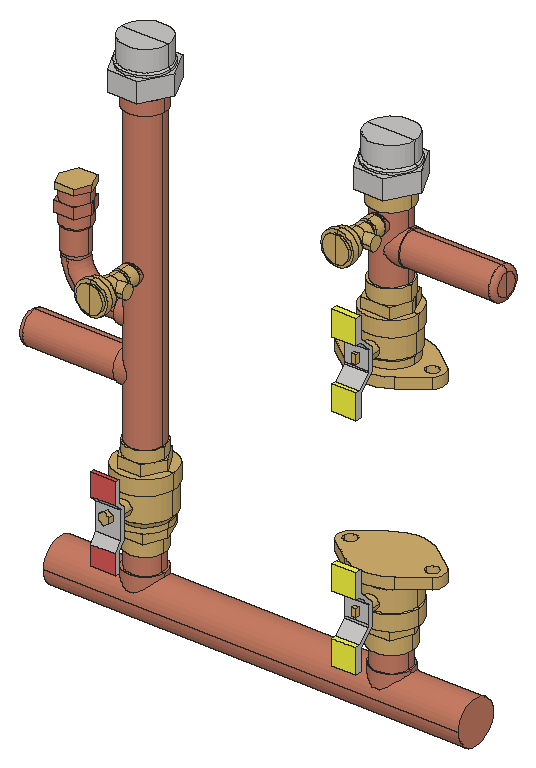
Revit family "Manifold-Navien-NFB-Primary-02", category Pipe Fittings, Revit 2016
Family settings
  Part Type = Multi Port
  Round Connector Dimension = Use Radius
  OmniClass Number = 23.60.30.11.14
  OmniClass Title = Pipework Fittings
  Work Plane-Based = No
  Always vertical = Yes
  Cut with Voids When Loaded = No
  Shared = No
Parameters (values of type "NFB Manifold")
  Weight = 0.00 lbf
  Version = "2016 - v1.0.a"  # constant formula
  URL = "https://www.navieninc.com"
  Type Comments = if(Boiler Pump, "Boiler Pump not included with kit", " ")  # " "
  Tick Size [instance] = 0.45"
  Product Page URL = "https://www.navieninc.com/accessories/nfb"
  Product Name = "Manifold"  # constant formula
  Product Documentation Link = "Contact Navien for Product Documentation"
  Model = "GFFM-MSOZUS-002"  # constant formula
  Material = ""
  Manufacturer Phone Number = "(949) 420-0420"  # constant formula
  Manufacturer Fax Number = "(949) 420-0430"  # constant formula
  Manufacturer Address = "20 Goodyear, Irvine, CA 92618"  # constant formula
  Manufacturer = "Navien, Inc."  # constant formula
  Loss Method = Not Defined
  Keynote = "22 33 00.A1"
  K Coefficient Table = "Tee"
  Heating Supply = 1.5"  # constant formula
  Heating Return = 1.5"  # constant formula
  Finish = Metal - Navien - Copper
  Description = "NFB Primary Manifolds"  # constant formula
  Copyright = "All contents copyright © Navien Inc."  # constant formula
  Boiler Pump = no
  Boiler Heating Supply Connection = 1.25"  # constant formula
  Boiler Heating Return Connection = 1.25"  # constant formula
  Assembly Code = "D3010500"
Reference planes (in)
  plane 1 "Center (Front/Back)": y = 0
  plane 2: z = 0
  plane 3 "Center (Left/Right)": x = 0
  plane 4 "Valve": y = -1.64724
  plane 5: z = 19.5
  plane 6: x = -4.805
  plane 7: x = 4.805
  plane 8: z = 4.71968
  plane 9: z = 11.31968
  plane 10: x = -8.1
  plane 11: x = 8.1
  plane 12: x = -9.3
  plane 13: x = 9.3
Forms (in)
  Extrusion 1, solid, material "Metal - Navien - Copper" <- "Finish", detail levels fine
    sketch origin (0, 0, 0) x (0, 1, 0) y (0, 0, 1)
      loop
        circle (0, 0) r 0.83583
    from -8.1 to 8.1
  Revolve 2, solid, material "Metal - Navien - Copper" <- "Finish", detail levels fine
    sketch origin (-1.805, 0, 0) x (-1, 0, 0) y (0, 0, 1)
      loop
        line (3, 19.5) -> (3, 0.01275) -> (3.76474, 0.01275) -> (3.76474, 0.9518) -> (3.66869, 0.9518) -> (3.66869, 1.66621) -> (3.74814, 1.66621) -> (3.74814, 2.58529) -> (3.92973, 2.58529) -> (3.92973, 2.7973) -> (4.06645, 3.00783) -> (4.06645, 3.98571) -> (4.10466, 3.98571) -> (4.10466, 4.5625) -> (3.75389, 4.5625) -> (3.75389, 5.37769) -> (3.6875, 5.37769) -> (3.6875, 17.08431) -> (3.76451, 17.08431) -> (3.76451, 17.63549) -> (3.80692, 17.63549) -> (3.80692, 17.76349) -> (3.85485, 17.76349) -> (3.85485, 18.54846) -> (3.97308, 18.54846) -> (3.97308, 18.62998) -> (3.90837, 18.69468) -> (3.90837, 19.5) -> (3, 19.5)
      axis (3, 19.5) -> (3, 0.01275)
    angle from 0 to 360
  Revolve 3, solid, material "Metal - Navien - Copper" <- "Finish", detail levels fine
    sketch origin (-4.805, 180, 22.89157) x (0, 0, 1) y (0, -1, 0)
      loop
        line (-11.07667, 180) -> (-11.07667, 180.72331) -> (-11.11002, 180.72331) -> (-11.11002, 180.77833) -> (-11.07667, 180.77833) -> (-11.07667, 181.1716) -> (-11.18073, 181.1716) -> (-11.18073, 181.27142) -> (-11.11002, 181.27142) -> (-11.11002, 181.67073) -> (-11.07667, 181.67073) -> (-11.07667, 182.095) -> (-10.95108, 182.095) -> (-10.87933, 182.16675) -> (-10.87933, 182.41675) -> (-10.81174, 182.41675) -> (-10.81174, 182.63158) -> (-10.93236, 182.63158) -> (-10.93236, 182.71477) -> (-11.45166, 182.71477) -> (-11.45166, 180) -> (-11.07667, 180)
      axis (-11.45166, 182.71477) -> (-11.45166, 180)
    angle from 0 to 360
  Sweep 4, solid, material "Metal - Navien - Copper" <- "Finish", detail levels fine
    path origin (-1.93, 0, 0.5) x (-1, 0, 0) y (0, 0, 1)
      loop
        line (3, 9.20862) -> (4.33222, 9.20862)
        arc (4.33222, 9.20862) -> (5.20722, 9.57106) -> (5.56966, 10.44606) r 1.23744
        line (5.56966, 10.44606) -> (5.56966, 11.30168)
    profile origin (-5.59611, 0, 9.70862) x (0, 0, -1) y (0, -1, 0)
      loop
        circle (0, 0) r 0.45371
  Revolve 5, solid, material "Metal - Navien - Copper" <- "Finish", detail levels fine
    sketch origin (-1.93, 0, 0.5) x (-1, 0, 0) y (0, 0, 1)
      loop
        line (3, 9.20862) -> (3.64799, 9.20862) -> (3.64799, 9.75888) -> (3, 9.75888) -> (3, 9.20862)
      axis (3.64799, 9.20862) -> (3, 9.20862)
    angle from 0 to 360
  Revolve 6, solid, material "Metal - Navien - Copper" <- "Finish", detail levels fine
    sketch origin (-1.93, 0, 0.5) x (-1, 0, 0) y (0, 0, 1)
      loop
        line (5.56966, 13.02413) -> (5.56966, 10.57899) -> (6.05672, 10.57899) -> (6.05672, 11.47762) -> (6.13078, 11.55168) -> (6.13078, 13.02413) -> (5.56966, 13.02413)
      axis (5.56966, 10.57899) -> (5.56966, 13.02413)
    angle from 0 to 360
  Extrusion 7, solid, material "Metal - Navien - Carbon Steel", detail levels fine
    sketch origin (-1.805, 0, 0.1875) x (0, 1, 0) y (0, 0, -1)
      loop
        line (-1.94449, -4.78917) -> (-1.94449, -3.98986) -> (-1.71732, -3.76269) -> (-1.71732, -2.58477) -> (-1.94449, -2.26034) -> (-1.94449, -1.51034) -> (-2.08753, -1.51034) -> (-2.08753, -2.26034) -> (-1.83901, -2.61526) -> (-1.83901, -3.69165) -> (-2.08753, -3.94017) -> (-2.08753, -4.78917) -> (-1.94449, -4.78917)
    from 2.47638 to 3.43975
  Extrusion 8, solid, material "Metal - Navien - Copper" <- "Finish", detail levels fine
    sketch origin (-1.93, 0, -4.48272) x (-1, 0, 0) y (0, -1, 0)
      loop
        line (5.95103, -0.56666) -> (6.175, -0.00978) -> (5.9656, 0.57057) -> (5.18647, 0.57057) -> (4.95736, 0.00094) -> (5.18488, -0.56666) -> (5.95103, -0.56666)
    from 16.94735 to 17.36847
  Extrusion 9, solid, material "Metal - Navien - Copper" <- "Finish", detail levels fine
    sketch origin (-1.93, 0, -3.56286) x (-1, 0, 0) y (0, -1, 0)
      loop
        line (5.93878, -0.57834) -> (6.19627, 0) -> (5.94224, 0.57057) -> (5.19708, 0.57057) -> (4.94304, 0) -> (5.20054, -0.57834) -> (5.93878, -0.57834)
    from 16.86454 to 17.08699
  Extrusion 10, solid, material "Metal - Navien - Copper" <- "Finish", detail levels fine
    sketch origin (-1.805, 0, -13) x (-1, 0, 0) y (0, -1, 0)
      loop
        line (3.46813, -0.7578) -> (3.87906, 0.02763) -> (3.43607, 0.77844) -> (2.54456, 0.77844) -> (2.12777, -0.0182) -> (2.56415, -0.7578) -> (3.46813, -0.7578)
    from 17.5 to 17.95829
  Extrusion 11, solid, material "Metal - Navien - Copper" <- "Finish", detail levels fine
    sketch origin (-1.805, 0, 0.34375) x (-1, 0, 0) y (0, 0, -1)
      loop
        circle (2.99494, -3.10847) r 0.2914
    from 0 to 1.71732
  Extrusion 12, solid, material "Metal - Navien - Brass, Soft Yellow", detail levels fine
    sketch origin (-1.805, 0, 0.04687) x (-1, 0, 0) y (0, 0, -1)
      loop
        line (2.79315, -3.32314) -> (2.79315, -3.52064) -> (3, -3.67191) -> (3.19655, -3.53535) -> (3.19655, -3.32314) -> (3, -3.19498) -> (2.79315, -3.32314)
    from 1.83901 to 2.03284
  Revolve 13, solid, material "Metal - Navien - Copper" <- "Finish", detail levels fine
    sketch origin (0, 0, 0) x (1, 0, 0) y (0, 0, 1)
      loop
        line (4.805, 19.51404) -> (3.88375, 19.51404) -> (3.88375, 18.70739) -> (3.80067, 18.62431) -> (3.80067, 18.54846) -> (3.88375, 18.54846) -> (3.88375, 17.77753) -> (3.94793, 17.77753) -> (3.94793, 17.66376) -> (3.99488, 17.66376) -> (3.99488, 17.10939) -> (4.1175, 17.10939) -> (4.1175, 14.42363) -> (4.02239, 14.42363) -> (4.02239, 13.48137) -> (3.74437, 13.48137) -> (3.74437, 12.88473) -> (3.80268, 12.88473) -> (3.80268, 12.06736) -> (3.88008, 11.98996) -> (3.88008, 11.31968) -> (4.805, 11.31968) -> (4.805, 19.51404)
      loop
        line (4.805, 4.30561) -> (3.8732, 4.30561) -> (3.8732, 4.13832) -> (3.78748, 4.0526) -> (3.78748, 3.23026) -> (3.74388, 3.18665) -> (3.74388, 2.60097) -> (3.97805, 2.60097) -> (3.97805, 1.65602) -> (4.10919, 1.65602) -> (4.10919, 0.93827) -> (4.04026, 0.93827) -> (4.04026, -0.0843) -> (4.805, -0.0843) -> (4.805, 4.30561)
      axis (4.805, -0.0843) -> (4.805, 19.51404)
    angle from 0 to 360
  Revolve 14, solid, material "Metal - Navien - Copper" <- "Finish", detail levels fine
    sketch origin (4.805, 180, 23.45407) x (0, 0, 1) y (0, -1, 0)
      loop
        line (-6.51417, 180) -> (-6.51417, 180.73148) -> (-6.54752, 180.73148) -> (-6.54752, 180.79418) -> (-6.51417, 180.79418) -> (-6.51417, 181.1716) -> (-6.61823, 181.1716) -> (-6.61823, 181.27142) -> (-6.54752, 181.27142) -> (-6.54752, 181.67073) -> (-6.51417, 181.67073) -> (-6.51417, 182.095) -> (-6.38858, 182.095) -> (-6.31683, 182.16675) -> (-6.31683, 182.41675) -> (-6.24924, 182.41675) -> (-6.24924, 182.63158) -> (-6.36986, 182.63158) -> (-6.36986, 182.71477) -> (-6.88916, 182.71477) -> (-6.88916, 180) -> (-6.51417, 180)
      axis (-6.88916, 182.71477) -> (-6.88916, 180)
    angle from 0 to 360
  Extrusion 15, solid, material "Metal - Navien - Copper", detail levels fine
    sketch origin (1.805, 0, 1.0625) x (0, 1, 0) y (0, 0, -1)
      loop
        circle (-1.67073, -15.50241) r 0.25
    from -3.72096 to -3
  Extrusion 16, solid, material "Metal - Navien - Copper" <- "Finish", detail levels fine
    sketch origin (0, 0, 0) x (1, 0, 0) y (0, 0, 1)
      loop
        circle (4.805, 3.48121) r 0.2914
      loop
        circle (4.805, 12.34405) r 0.2914
    from 0 to 1.54912
  Extrusion 17, solid, material "Metal - Navien - Carbon Steel", detail levels fine
    sketch origin (1.805, 0, 0) x (0, 1, 0) y (0, 0, -1)
      loop
        line (-2.07945, -14.14379) -> (-2.07945, -13.33057) -> (-1.54912, -12.80024) -> (-1.54912, -12.01674) -> (-1.54912, -11.92075) -> (-2.07945, -11.39042) -> (-2.07945, -10.5772) -> (-2.32945, -10.5772) -> (-2.32945, -11.52873) -> (-2.12924, -11.52873) -> (-1.69773, -11.96024) -> (-1.69773, -12.01674) -> (-1.69773, -12.76075) -> (-2.12924, -13.19226) -> (-2.32945, -13.19226) -> (-2.32945, -14.14379) -> (-2.07945, -14.14379)
      loop
        line (-2.07945, -5.24971) -> (-2.07945, -4.43648) -> (-1.54912, -3.90615) -> (-1.54912, -3.15391) -> (-1.54912, -3.02667) -> (-2.07945, -2.49634) -> (-2.07945, -1.68311) -> (-2.32945, -1.68311) -> (-2.32945, -2.63464) -> (-2.12924, -2.63464) -> (-1.69773, -3.06615) -> (-1.69773, -3.15391) -> (-1.69773, -3.86667) -> (-2.12924, -4.29818) -> (-2.32945, -4.29818) -> (-2.32945, -5.24971) -> (-2.07945, -5.24971)
    from -3.46338 to -2.53933
  Extrusion 18, solid, material "Metal - Navien - Copper", detail levels fine
    sketch origin (-0.77459, 0, -3.54522) x (1, 0, 0) y (0, 1, 0)
      loop
        line (6.11277, 0.79484) -> (5.03194, 0.79484) -> (4.70514, -0.02044) -> (5.02063, -0.80484) -> (6.15487, -0.80484) -> (6.43921, -0.01678) -> (6.11277, 0.79484)
    from 17.02658 to 17.42041
  Extrusion 19, solid, material "Metal - Navien - Copper", detail levels fine
    sketch origin (-0.74377, 0, -14.79953) x (0, -1, 0) y (1, 0, 0)
      loop
        line (-0.8505, 6.11173) -> (-0.8505, 4.98684) -> (0.01426, 4.64021) -> (0.83997, 4.9723) -> (0.83997, 6.14769) -> (-0.00399, 6.4522) -> (-0.8505, 6.11173)
    from 17.05442 to 17.41479
  Extrusion 20, solid, material "Metal - Navien - Brass, Soft Yellow", detail levels fine
    sketch origin (1.805, 0, 0.4375) x (-1, 0, 0) y (0, 0, -1)
      loop
        line (-3.10104, -3.22952) -> (-2.91466, -3.22952) -> (-2.91466, -2.89531) -> (-3.10104, -2.89531) -> (-3.10104, -3.22952)
      loop
        line (-3.10104, -12.09235) -> (-2.91466, -12.09235) -> (-2.91466, -11.75815) -> (-3.10104, -11.75815) -> (-3.10104, -12.09235)
    from 1.69773 to 1.83901
  Extrusion 21, solid, material "Metal - Navien - Brass, Soft Yellow", detail levels fine
    sketch origin (1.805, 0, -5.75665) x (-1, 0, 0) y (0, -1, 0)
      loop
        line (-4.91527, -0.35626) -> (-3.97362, -1.0625)
        arc (-3.97362, -1.0625) -> (-3, -1.38704) -> (-2.02638, -1.0625) r 1.6227
        line (-2.02638, -1.0625) -> (-1.08473, -0.35626)
        arc (-1.08473, -0.35626) -> (-0.95397, 0) -> (-1.08473, 0.35626) r 0.55073
        line (-1.08473, 0.35626) -> (-2.02638, 1.0625)
        arc (-2.02638, 1.0625) -> (-3, 1.38704) -> (-3.97362, 1.0625) r 1.6227
        line (-3.97362, 1.0625) -> (-4.91527, 0.35626)
        arc (-4.91527, 0.35626) -> (-5.04603, 0) -> (-4.91527, -0.35626) r 0.55073
      loop
        circle (-4.6055, 0) r 0.25
      loop
        circle (-1.3945, 0) r 0.25
    from 10.06226 to 10.47632
  Extrusion 22, solid, material "Metal - Navien - Brass, Soft Yellow", detail levels fine
    sketch origin (1.805, 0, 0.6) x (-1, 0, 0) y (0, -1, 0)
      loop
        line (-4.91527, -0.35626) -> (-3.97362, -1.0625)
        arc (-3.97362, -1.0625) -> (-3, -1.38704) -> (-2.02638, -1.0625) r 1.6227
        line (-2.02638, -1.0625) -> (-1.08473, -0.35626)
        arc (-1.08473, -0.35626) -> (-0.95397, 0) -> (-1.08473, 0.35626) r 0.55073
        line (-1.08473, 0.35626) -> (-2.02638, 1.0625)
        arc (-2.02638, 1.0625) -> (-3, 1.38704) -> (-3.97362, 1.0625) r 1.6227
        line (-3.97362, 1.0625) -> (-4.91527, 0.35626)
        arc (-4.91527, 0.35626) -> (-5.04603, 0) -> (-4.91527, -0.35626) r 0.55073
      loop
        circle (-1.3945, 0) r 0.25
      loop
        circle (-4.6055, 0) r 0.25
    from 10.71968 to 11.12476
  Revolve 23, solid, material "Metal - Navien - Copper" <- "Finish", detail levels fine
    sketch origin (-1.805, 0, -6.75) x (1, 0, 0) y (0, 0, 1)
      loop
        line (-3, 14.53104) -> (-3, 15.18743) -> (-3.72096, 15.18743) -> (-3.72096, 15.15604) -> (-7.28829, 15.15604)
        arc (-7.28829, 15.15604) -> (-7.43445, 15.0955) -> (-7.495, 14.94933) r 0.20671
        line (-7.495, 14.94933) -> (-7.495, 14.53104) -> (-3, 14.53104)
      axis (-3, 14.53104) -> (-7.495, 14.53104)
    angle from 0 to 360
  Revolve 24, solid, material "Metal - Navien - Copper" <- "Finish", detail levels fine
    sketch origin (0, 0, 0) x (1, 0, 0) y (0, 0, 1)
      loop
        line (4.805, 15.71854) -> (9.3, 15.71854) -> (9.3, 16.14627)
        arc (9.3, 16.14627) -> (9.24222, 16.28576) -> (9.10273, 16.34354) r 0.19727
        line (9.10273, 16.34354) -> (5.60611, 16.34354) -> (5.60611, 16.37493) -> (4.805, 16.37493) -> (4.805, 15.71854)
      axis (4.805, 15.71854) -> (9.3, 15.71854)
    angle from 0 to 360
  Extrusion 25, solid, material "Metal - Navien - Copper", detail levels fine
    sketch origin (-7.805, 0, -4.03125) x (0, 1, 0) y (0, 0, -1)
      loop
        circle (-1.67073, -15.50241) r 0.25
    from -3.64799 to -3
  Extrusion 26, solid, material "Metal - Navien - Carbon Steel", detail levels fine
    sketch origin (1.805, 0, 0.9153) x (-1, 0, 0) y (0, -1, 0)
      loop
        line (7.20549, -1.07926) -> (7.78351, 0) -> (7.18886, 1.11642) -> (6.03198, 1.11642) -> (5.43406, 0) -> (6.00892, -1.07926) -> (7.20549, -1.07926)
      loop
        line (-3.59549, -1.07926) -> (-2.39892, -1.07926) -> (-1.82406, 0) -> (-2.42198, 1.11642) -> (-3.57886, 1.11642) -> (-4.17351, 0) -> (-3.59549, -1.07926)
    from 16.86454 to 17.63317
  Extrusion 27, solid, material "Metal - Navien - Copper", detail levels fine
    sketch origin (0.74377, 0, -14.79953) x (0, 1, 0) y (-1, 0, 0)
      loop
        line (0.8505, 6.11173) -> (0.00399, 6.4522) -> (-0.83997, 6.14769) -> (-0.83997, 4.9723) -> (-0.01426, 4.64021) -> (0.8505, 4.98684) -> (0.8505, 6.11173)
    from 17.05442 to 17.38482
  Extrusion 28, solid, material "Metal - Navien - Cast Iron", visible <- "Boiler Pump", detail levels fine
    sketch origin (7.805, -1.64724, 0.49926) x (0, 0, -1) y (1, 0, 0)
      loop
        line (-10.28659, -5.96831) -> (-6.02564, -5.96831) -> (-6.02564, -4.73414) -> (-9.21925, -4.73414)
        arc (-9.21925, -4.73414) -> (-9.76188, -4.42643) -> (-10.21915, -4.85073) r 0.52801
        line (-10.21915, -4.85073) -> (-10.28659, -5.50679) -> (-10.28659, -5.96831)
    from -0.37582 to 1.66831
  Extrusion 29, solid, material "Metal - Navien - Cast Iron", visible <- "Boiler Pump", detail levels fine
    sketch origin (7.805, -1.64724, 0.49926) x (0, 0, -1) y (1, 0, 0)
      loop
        arc (-9.18098, -4.27131) -> (-9.09604, -4.47637) -> (-8.89098, -4.56131) r 0.29
        line (-8.89098, -4.56131) -> (-6.04934, -4.56131)
        arc (-6.04934, -4.56131) -> (-5.84428, -4.47637) -> (-5.75934, -4.27131) r 0.29
        line (-5.75934, -4.27131) -> (-5.75934, -1.72798)
        arc (-5.75934, -1.72798) -> (-5.84428, -1.52292) -> (-6.04934, -1.43798) r 0.29
        line (-6.04934, -1.43798) -> (-8.8894, -1.43798)
        arc (-8.8894, -1.43798) -> (-9.09558, -1.52338) -> (-9.18098, -1.72955) r 0.29157
        line (-9.18098, -1.72955) -> (-9.18098, -4.27131)
    from -2.58715 to -0.70733
  Extrusion 30, solid, material "Metal - Navien - Cast Iron", visible <- "Boiler Pump", detail levels fine
    sketch origin (7.805, -1.64724, 0.49926) x (0, 0, -1) y (1, 0, 0)
      loop
        circle (-7.47125, -2.98687) r 1.52836
    from -2.58715 to 1.66831
  Extrusion 31, solid, material "Metal - Navien - Cast Iron", visible <- "Boiler Pump", detail levels fine
    sketch origin (7.805, 0, -0.189) x (1, 0, 0) y (0, 1, 0)
      loop
        arc (-4.91527, 0.35626) -> (-5.04603, 0) -> (-4.91527, -0.35626) r 0.55073
        line (-4.91527, -0.35626) -> (-3.97362, -1.0625)
        arc (-3.97362, -1.0625) -> (-3, -1.38704) -> (-2.02638, -1.0625) r 1.6227
        line (-2.02638, -1.0625) -> (-1.08473, -0.35626)
        arc (-1.08473, -0.35626) -> (-0.95397, 0) -> (-1.08473, 0.35626) r 0.55073
        line (-1.08473, 0.35626) -> (-2.02638, 1.0625)
        arc (-2.02638, 1.0625) -> (-3, 1.38704) -> (-3.97362, 1.0625) r 1.6227
        line (-3.97362, 1.0625) -> (-4.91527, 0.35626)
      loop
        circle (-1.3945, 0) r 0.25
      loop
        circle (-4.6055, 0) r 0.25
    from 10.80532 to 11.33796
  Extrusion 32, solid, material "Metal - Navien - Cast Iron", visible <- "Boiler Pump", detail levels fine
    sketch origin (7.805, 0, -5.91493) x (1, 0, 0) y (0, 1, 0)
      loop
        arc (-4.91527, 0.35626) -> (-5.04603, 0) -> (-4.91527, -0.35626) r 0.55073
        line (-4.91527, -0.35626) -> (-3.97362, -1.0625)
        arc (-3.97362, -1.0625) -> (-3, -1.38704) -> (-2.02638, -1.0625) r 1.6227
        line (-2.02638, -1.0625) -> (-1.08473, -0.35626)
        arc (-1.08473, -0.35626) -> (-0.95397, 0) -> (-1.08473, 0.35626) r 0.55073
        line (-1.08473, 0.35626) -> (-2.02638, 1.0625)
        arc (-2.02638, 1.0625) -> (-3, 1.38704) -> (-3.97362, 1.0625) r 1.6227
        line (-3.97362, 1.0625) -> (-4.91527, 0.35626)
      loop
        circle (-1.3945, 0) r 0.25
      loop
        circle (-4.6055, 0) r 0.25
    from 10.80532 to 11.33796
  Revolve 33, solid, material "Metal - Navien - Cast Iron", visible <- "Boiler Pump", detail levels fine
    sketch origin (7.805, 0, 0.49926) x (1, 0, 0) y (0, 0, 1)
      loop
        line (-2.13206, 10.11706) -> (-3, 10.11706) -> (-3, 4.92377) -> (-2.13206, 4.92377) -> (-2.13206, 10.11706)
      loop
        line (-1.82517, 10.82041) -> (-3, 10.82041) -> (-3, 10.6497) -> (-1.82517, 10.6497) -> (-1.82517, 10.82041)
      loop
        line (-1.82517, 4.39113) -> (-3, 4.39113) -> (-3, 4.22041) -> (-1.82517, 4.22041) -> (-1.82517, 4.39113)
      axis (-3, 10.82041) -> (-3, 4.22041)
    angle from 0 to 360
  Extrusion 34, solid, material "Metal - Navien - Cast Iron", visible <- "Boiler Pump", detail levels fine
    sketch origin (7.805, -1.64724, 0.49926) x (0, 0, -1) y (1, 0, 0)
      loop
        circle (-7.47125, -2.98687) r 1.91218
    from -2.58715 to -1.92844
  Extrusion 35, solid, material "Metal - Navien - Cast Iron", visible <- "Boiler Pump", detail levels fine
    sketch origin (7.805, -1.64724, 0.49926) x (0, 0, -1) y (1, 0, 0)
      loop
        line (-8.76253, -4.73414) -> (-6.17996, -4.73414) -> (-6.17996, -3.80448) -> (-8.76253, -3.80448) -> (-8.76253, -4.73414)
    from -0.37582 to 1.50167
  Extrusion 36, solid, material "Metal - Navien - Cast Iron", visible <- "Boiler Pump", detail levels fine
    sketch origin (7.805, -1.64724, 0.49926) x (0, 0, -1) y (1, 0, 0)
      loop
        arc (-9.18098, -4.27131) -> (-9.09604, -4.47637) -> (-8.89098, -4.56131) r 0.29
        line (-8.89098, -4.56131) -> (-6.04934, -4.56131)
        arc (-6.04934, -4.56131) -> (-5.84428, -4.47637) -> (-5.75934, -4.27131) r 0.29
        line (-5.75934, -4.27131) -> (-5.75934, -1.72798)
        arc (-5.75934, -1.72798) -> (-5.84428, -1.52292) -> (-6.04934, -1.43798) r 0.29
        line (-6.04934, -1.43798) -> (-8.8894, -1.43798)
        arc (-8.8894, -1.43798) -> (-9.09558, -1.52338) -> (-9.18098, -1.72955) r 0.29157
        line (-9.18098, -1.72955) -> (-9.18098, -4.27131)
    from -0.70733 to -0.37582
  Extrusion 37, solid, material "Metal - Navien - Cast Iron", visible <- "Boiler Pump", detail levels fine
    sketch origin (7.805, -1.64724, 0.49926) x (0, 0, -1) y (1, 0, 0)
      loop
        circle (-7.47125, -2.98687) r 1.75
    from -2.58715 to -1.42286
Cuts and joins
  joined: Extrusion 1, Revolve 2, Revolve 3, Revolve 5, Extrusion 10, Extrusion 11, Revolve 13, Revolve 14, Extrusion 16, Revolve 23, Revolve 24
  joined: Revolve 6, Extrusion 9
Lines and regions (in)
  Split face 1
    outline origin (-5.24475, 0, 0.1875) x (0, 1, 0) y (0, 0, 1)
      loop
        line (-1.94449, 3.98986) -> (-2.08753, 3.94017)
  Split face 2
    outline origin (-5.24475, 0, 0.1875) x (0, 1, 0) y (0, 0, 1)
      loop
        line (-1.94449, 2.26034) -> (-2.08753, 2.26034)
  Split face 3
    outline origin (-4.28138, 0, 0.1875) x (0, 1, 0) y (0, 0, 1)
      loop
        line (-1.94449, 3.98986) -> (-2.08753, 3.94017)
  Split face 4
    outline origin (-4.28138, 0, 0.1875) x (0, 1, 0) y (0, 0, 1)
      loop
        line (-1.94449, 2.26034) -> (-2.08753, 2.26034)
  Split face 5
    outline origin (5.26838, 0, 0) x (0, 1, 0) y (0, 0, 1)
      loop
        line (-2.12924, 4.29818) -> (-2.07945, 4.43648)
  Split face 6
    outline origin (5.26838, 0, 0) x (0, 1, 0) y (0, 0, 1)
      loop
        line (-2.12924, 2.63464) -> (-2.07945, 2.49634)
  Split face 7
    outline origin (5.26838, 0, 0) x (0, 1, 0) y (0, 0, 1)
      loop
        line (-2.07945, 13.33057) -> (-2.12924, 13.19226)
  Split face 8
    outline origin (5.26838, 0, 0) x (0, 1, 0) y (0, 0, 1)
      loop
        line (-2.12924, 11.52873) -> (-2.07945, 11.39042)
  Split face 9
    outline origin (4.34433, 0, 0) x (0, 1, 0) y (0, 0, 1)
      loop
        line (-2.12924, 11.52873) -> (-2.07945, 11.39042)
  Split face 10
    outline origin (4.34433, 0, 0) x (0, 1, 0) y (0, 0, 1)
      loop
        line (-2.07945, 13.33057) -> (-2.12924, 13.19226)
  Split face 11
    outline origin (4.34433, 0, 0) x (0, 1, 0) y (0, 0, 1)
      loop
        line (-2.07945, 4.43648) -> (-2.12924, 4.29818)
  Split face 12
    outline origin (4.34433, 0, 0) x (0, 1, 0) y (0, 0, 1)
      loop
        line (-2.12924, 2.63464) -> (-2.07945, 2.49634)
  model lines, detail levels coarse+medium
    curve 1: line (-8.105, 0.83583, 0) -> (-8.105, -0.83583, 0)
    curve 2: line (-4.805, 0, 0) -> (-4.805, 0, 1.70419)
    curve 3: line (-3.89663, 0, 19.5) -> (-5.71337, 0, 19.5)
    curve 4: line (-9.3, 0, 7.84354) -> (-4.805, 0, 7.84354)
    curve 5: line (-4.805, 0, 9.6875) -> (-6.16612, 0, 9.6875)
    curve 6: arc (-6.16612, 0, 9.6875) -> (-7.10586, 0, 10.07675) -> (-7.49511, 0, 11.01649) r 1.32899
    curve 7: line (-7.49511, 0, 11.01649) -> (-7.49511, 0, 13.52413)
    curve 8: line (-8.12627, 0, 13.52413) -> (-6.87304, 0, 13.52413)
    curve 9: line (-4.805, -2.71477, 11.43991) -> (-4.805, 0, 11.43991)
    curve 10: line (-4.805, 0, 3.37491) -> (-4.34162, 0, 5.27079)
    curve 11: line (-4.34162, 0, 5.27079) -> (-5.26567, 0, 5.27079)
    curve 12: line (-5.26567, 0, 5.27079) -> (-4.805, 0, 3.37491)
    curve 13: line (-4.34162, 0, 1.70419) -> (-5.26567, 0, 1.70419)
    curve 14: line (-5.26567, 0, 1.70419) -> (-4.805, 0, 3.37491)
    curve 15: line (-4.34162, 0, 1.70419) -> (-4.805, 0, 3.37491)
    curve 16: line (8.105, 0.83583, 0) -> (8.105, -0.83583, 0)
    curve 17: line (4.805, 0, 0) -> (4.805, 0, 1.70419)
    curve 18: line (3.88375, 0, 19.51404) -> (5.72625, 0, 19.51404)
    curve 19: line (4.805, 0, 15.71854) -> (9.25847, 0, 15.71854)
    curve 20: line (4.805, -2.71477, 16.56491) -> (4.805, 0, 16.56491)
    curve 21: line (4.34433, 0, 11.31968) -> (5.26838, 0, 14.14379)
    curve 22: line (5.26838, 0, 14.14379) -> (4.34433, 0, 14.14379)
    curve 23: line (4.34433, 0, 14.14379) -> (5.26838, 0, 11.31968)
    curve 24: line (5.26838, 0, 11.31968) -> (4.34433, 0, 11.31968)
    curve 25: line (5.26838, 0, 4.71968) -> (4.34433, 0, 4.71968)
    curve 26: line (5.26838, 0, 1.70419) -> (4.34433, 0, 1.70419)
    curve 27: line (4.34433, 0, 1.70419) -> (5.26838, 0, 4.71968)
    curve 28: line (5.26838, 0, 1.70419) -> (4.34433, 0, 4.71968)
    curve 29: line (-8.1, 0, 0) -> (8.1, 0, 0)
    curve 30: line (-4.805, 0, 5.27079) -> (-4.805, 0, 19.5)
    curve 31: line (4.805, 0, 14.14379) -> (4.805, 0, 19.5)
  model lines, visible <- "Boiler Pump", detail levels coarse+medium
    curve 32: line (4.805, 0, 11.31968) -> (4.805, 0, 9.88264)
    curve 33: circle (4.805, 0, 7.97051) r 1.91213 normal (0, -1, 0)
    curve 34: line (4.805, 0, 9.88264) -> (6.59672, 0, 7.30268)
    curve 35: line (4.805, 0, 9.88264) -> (3.01328, 0, 7.30268)
    curve 36: line (3.01328, 0, 7.30268) -> (6.59672, 0, 7.30268)
    curve 37: line (4.805, 0, 6.05838) -> (4.805, 0, 4.71894)
Dimensions and locks (in)
  locked: plane 4 "Valve" to plane 1 "Center (Front/Back)" at 1.64724
  Revolve 2 sketch curve to level = 18.69468"  (x4)
  Revolve 2 sketch curve to level = 19.5"  (x10)
  Revolve 2 sketch curve to level = 18.62998"  (x4)
  Revolve 2 sketch curve to level = 18.54846"  (x10)
  Revolve 2 sketch curve to level = 17.76349"  (x10)
  Revolve 2 sketch curve to level = 17.63549"  (x2)
  Revolve 2 sketch curve to level = 17.08431"  (x8)
  Revolve 2 sketch curve to level = 5.37769"  (x10)
  Revolve 2 sketch curve to level = 4.5625"  (x10)
  Revolve 2 sketch curve to level = 3.98571"  (x10)
  Revolve 2 sketch curve to level = 3.00783"  (x4)
  Revolve 2 sketch curve to level = 2.7973"  (x2)
  Revolve 2 sketch curve to level = 2.58529"  (x2)
  Revolve 2 sketch curve to level = 1.66621"  (x10)
  Revolve 2 sketch curve to level = 0.9518"  (x10)
  Revolve 2 sketch curve to level = 0.01275"  (x10)
  locked: Revolve 2 sketch curve to level at 21.25  (x6)
  locked: Revolve 2 sketch curve to level at 4  (x6)
  Revolve 3 sketch curve to level = 11.8149"  (x60)
  Revolve 3 sketch curve to level = 11.78155"  (x40)
  Revolve 3 sketch curve to level = 11.71084"  (x20)
  Revolve 3 sketch curve to level = 11.94049"  (x8)
  Revolve 3 sketch curve to level = 12.01224"  (x20)
  Revolve 3 sketch curve to level = 12.07983"  (x20)
  Revolve 3 sketch curve to level = 11.9592"  (x20)
  Revolve 3 sketch curve to level = 11.43991"  (x32)
  locked: Sweep 4 to level at 11.80168  (x8)
  Sweep 4 sketch curve to level = 9.70862"  (x18)
  Sweep 4 sketch curve to level = 10.94606"  (x8)
  locked: Sweep 4 sketch curve to level at 11.80168  (x8)
  level to Sweep 4 sketch curve = 10.16233"  (x4)
  Revolve 5 sketch curve to level = 9.70862"  (x32)
  Revolve 5 sketch curve to level = 10.25888"  (x20)
  Revolve 6 sketch curve to level = 13.52413"  (x20)
  Revolve 6 sketch curve to level = 12.05168"  (x8)
  Revolve 6 sketch curve to level = 11.97762"  (x8)
  Revolve 6 sketch curve to level = 11.07899"  (x20)
  locked: Revolve 6 sketch curve to level at 11.80168  (x8)
  locked: Revolve 6 sketch curve to level at 13.55168  (x8)
  Extrusion 7 to level = 4.97667"  (x4)
  Extrusion 7 to level = 1.69784"  (x4)
  Extrusion 7 sketch curve to level = 4.17736"  (x8)
  Extrusion 7 sketch curve to level = 3.95019"  (x8)
  Extrusion 7 sketch curve to level = 2.77227"  (x8)
  Extrusion 7 sketch curve to level = 2.44784"  (x16)
  Extrusion 7 sketch curve to level = 1.69784"  (x20)
  Extrusion 7 sketch curve to level = 2.80276"  (x8)
  Extrusion 7 sketch curve to level = 3.87915"  (x8)
  Extrusion 7 sketch curve to level = 4.12767"  (x8)
  Extrusion 7 sketch curve to level = 4.97667"  (x20)
  Extrusion 8 sketch curve to level = 4.48272"  (x72)
  Extrusion 9 sketch curve to level = 3.56286"  (x72)
  Extrusion 10 sketch curve to level = 13.0"  (x72)
  Extrusion 11 sketch curve to level = 3.16082"  (x4)
  Extrusion 12 sketch curve to level = 3.56751"  (x4)
  Extrusion 12 sketch curve to level = 3.71879"  (x4)
  Extrusion 12 sketch curve to level = 3.58222"  (x4)
  Extrusion 12 sketch curve to level = 3.37002"  (x8)
  Extrusion 12 sketch curve to level = 3.24186"  (x4)
  plane 8 to level = 4.71968"
  locked: plane 9 to plane 8 at 6.6
  Revolve 13 sketch curve to level = 18.70739"  (x4)
  Revolve 13 sketch curve to level = 19.51404"  (x10)
  Revolve 13 sketch curve to level = 18.62431"  (x4)
  Revolve 13 sketch curve to level = 18.54846"  (x10)
  Revolve 13 sketch curve to level = 17.77753"  (x10)
  Revolve 13 sketch curve to level = 17.66376"  (x2)
  Revolve 13 sketch curve to level = 17.10939"  (x8)
  Revolve 13 sketch curve to level = 14.42363"  (x10)
  Revolve 13 sketch curve to level = 13.48137"  (x10)
  Revolve 13 sketch curve to level = 12.88473"  (x10)
  Revolve 13 sketch curve to level = 12.06736"  (x4)
  Revolve 13 sketch curve to level = 11.98996"  (x4)
  Revolve 13 sketch curve to level = 11.31968"  (x10)
  Revolve 13 sketch curve to level = 4.30561"  (x10)
  Revolve 13 sketch curve to level = 4.13832"  (x4)
  Revolve 13 sketch curve to level = 4.0526"  (x4)
  Revolve 13 sketch curve to level = 3.23026"  (x4)
  Revolve 13 sketch curve to level = 3.18665"  (x4)
  Revolve 13 sketch curve to level = 2.60097"  (x10)
  Revolve 13 sketch curve to level = 1.65602"  (x10)
  Revolve 13 sketch curve to level = 0.93827"  (x10)
  level to Revolve 13 sketch curve = 0.0843"  (x10)
  locked: level to Revolve 13 sketch curve at 21.25  (x2)
  locked: level to Revolve 13 sketch curve at 4  (x2)
  Revolve 14 sketch curve to level = 16.9399"  (x60)
  Revolve 14 sketch curve to level = 16.90655"  (x40)
  Revolve 14 sketch curve to level = 16.83584"  (x20)
  Revolve 14 sketch curve to level = 17.06549"  (x8)
  Revolve 14 sketch curve to level = 17.13724"  (x20)
  Revolve 14 sketch curve to level = 17.20483"  (x20)
  Revolve 14 sketch curve to level = 17.0842"  (x20)
  Revolve 14 sketch curve to level = 16.56491"  (x32)
  Extrusion 15 sketch curve to level = 16.31491"  (x4)
  level to Extrusion 16 sketch curve = 3.77261"  (x4)
  level to Extrusion 16 sketch curve = 12.63544"  (x4)
  Extrusion 17 to level = 13.19226"  (x4)
  Extrusion 17 to level = 11.52873"  (x4)
  Extrusion 17 to level = 10.5772"  (x4)
  Extrusion 17 to level = 14.14379"  (x4)
  Extrusion 17 to level = 4.29818"  (x4)
  Extrusion 17 to level = 2.63464"  (x4)
  Extrusion 17 to level = 1.68311"  (x4)
  Extrusion 17 to level = 5.24971"  (x4)
  Extrusion 17 sketch curve to level = 14.14379"  (x10)
  Extrusion 17 sketch curve to level = 13.19226"  (x10)
  Extrusion 17 sketch curve to level = 12.76075"  (x4)
  locked: Extrusion 17 sketch curve to level at 12.01674  (x24)
  Extrusion 17 sketch curve to level = 11.96024"  (x4)
  Extrusion 17 sketch curve to level = 11.52873"  (x10)
  Extrusion 17 sketch curve to level = 10.5772"  (x10)
  Extrusion 17 sketch curve to level = 11.39042"  (x4)
  Extrusion 17 sketch curve to level = 11.92075"  (x4)
  Extrusion 17 sketch curve to level = 12.80024"  (x4)
  Extrusion 17 sketch curve to level = 13.33057"  (x4)
  Extrusion 17 sketch curve to level = 5.24971"  (x10)
  Extrusion 17 sketch curve to level = 4.29818"  (x10)
  Extrusion 17 sketch curve to level = 3.86667"  (x4)
  locked: Extrusion 17 sketch curve to level at 3.15391  (x24)
  Extrusion 17 sketch curve to level = 3.06615"  (x4)
  Extrusion 17 sketch curve to level = 2.63464"  (x10)
  Extrusion 17 sketch curve to level = 1.68311"  (x10)
  Extrusion 17 sketch curve to level = 2.49634"  (x4)
  Extrusion 17 sketch curve to level = 3.02667"  (x4)
  Extrusion 17 sketch curve to level = 3.90615"  (x4)
  Extrusion 17 sketch curve to level = 4.43648"  (x4)
  Extrusion 18 sketch curve to level = 3.54522"  (x72)
  Extrusion 19 sketch curve to level = 14.79953"  (x72)
  Extrusion 20 to level = 3.66702"  (x2)
  Extrusion 20 to level = 3.33281"  (x2)
  Extrusion 20 to level = 12.52985"  (x2)
  Extrusion 20 to level = 12.19565"  (x2)
  level to Extrusion 20 sketch curve = 3.66702"  (x5)
  level to Extrusion 20 sketch curve = 3.33281"  (x5)
  level to Extrusion 20 sketch curve = 12.52985"  (x5)
  level to Extrusion 20 sketch curve = 12.19565"  (x5)
  Extrusion 20 sketch curve to level = 3.66702"  (x5)
  Extrusion 20 sketch curve to level = 3.33281"  (x5)
  Extrusion 20 sketch curve to level = 12.52985"  (x5)
  Extrusion 20 sketch curve to level = 12.19565"  (x5)
  plane 6 to plane 3 "Center (Left/Right)" to plane 7 = 4.805" locked, 4.805" locked
  plane 11 to plane 3 "Center (Left/Right)" to plane 10 = 8.1" locked, 8.1" locked
  plane 12 to plane 3 "Center (Left/Right)" to plane 13 = 9.3" locked, 9.3" locked
  locked: plane 5 to level at 19.5
  locked: Revolve 2 sketch curve to plane 3 "Center (Left/Right)" at 5.71337  (x20)
  locked: Revolve 2 sketch curve to plane 3 "Center (Left/Right)" at 5.77808  (x20)
  locked: Revolve 2 sketch curve to plane 3 "Center (Left/Right)" at 5.65985  (x20)
  locked: Revolve 2 sketch curve to plane 3 "Center (Left/Right)" at 5.61192  (x20)
  locked: Revolve 2 sketch curve to plane 3 "Center (Left/Right)" at 5.56951  (x20)
  locked: Revolve 2 sketch curve to plane 3 "Center (Left/Right)" at 5.4925  (x20)
  locked: Revolve 2 sketch curve to plane 3 "Center (Left/Right)" at 5.55889  (x20)
  locked: Revolve 2 sketch curve to plane 3 "Center (Left/Right)" at 5.90966  (x20)
  locked: Revolve 2 sketch curve to plane 3 "Center (Left/Right)" at 5.87145  (x20)
  locked: Revolve 2 sketch curve to plane 3 "Center (Left/Right)" at 5.73473  (x20)
  locked: Revolve 2 sketch curve to plane 3 "Center (Left/Right)" at 5.55314  (x20)
  locked: Revolve 2 sketch curve to plane 3 "Center (Left/Right)" at 5.47369  (x20)
  locked: Revolve 2 sketch curve to plane 3 "Center (Left/Right)" at 5.56974  (x20)
  locked: Revolve 2 sketch curve to plane 3 "Center (Left/Right)" at 4.805  (x32)
  locked: Revolve 2 sketch curve to level at 18.69468  (x8)
  locked: Revolve 2 sketch curve to level at 19.5  (x20)
  locked: Revolve 2 sketch curve to level at 18.62998  (x8)
  locked: Revolve 2 sketch curve to level at 18.54846  (x20)
  locked: Revolve 2 sketch curve to level at 17.76349  (x20)
  locked: Revolve 2 sketch curve to level at 17.63549  (x20)
  locked: Revolve 2 sketch curve to level at 17.08431  (x20)
  locked: Revolve 2 sketch curve to level at 5.37769  (x20)
  locked: Revolve 2 sketch curve to level at 4.5625  (x20)
  locked: Revolve 2 sketch curve to level at 3.98571  (x20)
  locked: Revolve 2 sketch curve to level at 3.00783  (x8)
  locked: Revolve 2 sketch curve to level at 2.7973  (x8)
  locked: Revolve 2 sketch curve to level at 2.58529  (x20)
  locked: Revolve 2 sketch curve to level at 1.66621  (x20)
  locked: Revolve 2 sketch curve to level at 0.9518  (x20)
  locked: Revolve 3 sketch curve to plane 3 "Center (Left/Right)" at 4.805  (x264)
  locked: Revolve 3 sketch curve to plane 1 "Center (Front/Back)" at 0.72331  (x20)
  locked: Revolve 3 sketch curve to plane 1 "Center (Front/Back)" at 0.77833  (x20)
  locked: Revolve 3 sketch curve to plane 1 "Center (Front/Back)" at 1.1716  (x20)
  locked: Revolve 3 sketch curve to plane 1 "Center (Front/Back)" at 1.27142  (x20)
  locked: Revolve 3 sketch curve to plane 1 "Center (Front/Back)" at 1.67073  (x20)
  locked: Revolve 3 sketch curve to plane 1 "Center (Front/Back)" at 2.095  (x20)
  locked: Revolve 3 sketch curve to plane 1 "Center (Front/Back)" at 2.16675  (x8)
  locked: Revolve 3 sketch curve to plane 1 "Center (Front/Back)" at 2.41675  (x20)
  locked: Revolve 3 sketch curve to plane 1 "Center (Front/Back)" at 2.63158  (x20)
  locked: Revolve 3 sketch curve to plane 1 "Center (Front/Back)" at 2.71477  (x20)
  locked: Revolve 3 sketch curve to plane 1 "Center (Front/Back)" at 1.18384  (x4)
  locked: Revolve 3 sketch curve to plane 1 "Center (Front/Back)" at 0.76444  (x4)
  locked: Revolve 3 sketch curve to level at 11.8149  (x60)
  locked: Revolve 3 sketch curve to level at 11.78155  (x40)
  locked: Revolve 3 sketch curve to level at 11.71084  (x20)
  locked: Revolve 3 sketch curve to level at 11.94049  (x8)
  locked: Revolve 3 sketch curve to level at 12.01224  (x20)
  locked: Revolve 3 sketch curve to level at 12.07983  (x20)
  locked: Revolve 3 sketch curve to level at 11.9592  (x20)
  locked: Revolve 3 sketch curve to level at 11.43991  (x32)
  locked: Sweep 4 to plane 3 "Center (Left/Right)" at 4.93  (x4)
  locked: Sweep 4 sketch curve to plane 3 "Center (Left/Right)" at 4.93  (x4)
  locked: Sweep 4 sketch curve to plane 3 "Center (Left/Right)" at 6.26222  (x8)
  locked: Sweep 4 sketch curve to plane 3 "Center (Left/Right)" at 7.49966  (x16)
  locked: Sweep 4 sketch curve to plane 3 "Center (Left/Right)" at 5.59611  (x8)
  locked: Sweep 4 sketch curve to plane 3 "Center (Left/Right)" at 5.02478  (x2)
  locked: Sweep 4 sketch curve to level at 9.70862  (x18)
  locked: Sweep 4 sketch curve to level at 10.94606  (x8)
  locked: plane 1 "Center (Front/Back)" to Sweep 4 sketch curve at 0.45371  (x4)
  locked: Sweep 4 sketch curve to level at 9.25492  (x4)
  locked: Revolve 5 sketch curve to plane 3 "Center (Left/Right)" at 5.57799  (x24)
  locked: Revolve 5 sketch curve to plane 3 "Center (Left/Right)" at 4.93  (x24)
  locked: Revolve 5 sketch curve to level at 9.70862  (x32)
  locked: Revolve 5 sketch curve to level at 10.25888  (x20)
  locked: Revolve 6 sketch curve to plane 3 "Center (Left/Right)" at 8.06078  (x20)
  locked: Revolve 6 sketch curve to plane 3 "Center (Left/Right)" at 7.98672  (x20)
  locked: Revolve 6 sketch curve to plane 3 "Center (Left/Right)" at 7.49966  (x32)
  locked: Revolve 6 sketch curve to level at 13.52413  (x20)
  locked: Revolve 6 sketch curve to level at 12.05168  (x8)
  locked: Revolve 6 sketch curve to level at 11.97762  (x8)
  locked: Revolve 6 sketch curve to level at 11.07899  (x20)
  locked: Extrusion 7 to plane 3 "Center (Left/Right)" at 5.24475  (x4)
  locked: Extrusion 7 to plane 3 "Center (Left/Right)" at 4.28138  (x4)
  locked: Extrusion 7 sketch curve to plane 3 "Center (Left/Right)" at 1.805  (x144)
  locked: Extrusion 7 to plane 1 "Center (Front/Back)" at 1.94449  (x8)
  locked: Extrusion 7 to plane 1 "Center (Front/Back)" at 2.08753  (x8)
  locked: Extrusion 7 to plane 1 "Center (Front/Back)" at 1.83901  (x4)
  locked: Extrusion 7 to plane 1 "Center (Front/Back)" at 1.71732  (x4)
  locked: Extrusion 7 sketch curve to plane 1 "Center (Front/Back)" at 1.94449  (x40)
  locked: Extrusion 7 sketch curve to plane 1 "Center (Front/Back)" at 1.71732  (x20)
  locked: Extrusion 7 sketch curve to plane 1 "Center (Front/Back)" at 2.08753  (x40)
  locked: Extrusion 7 sketch curve to plane 1 "Center (Front/Back)" at 1.83901  (x20)
  locked: Extrusion 7 to level at 4.97667  (x4)
  locked: Extrusion 7 to level at 1.69784  (x4)
  locked: Extrusion 7 sketch curve to level at 4.17736  (x8)
  locked: Extrusion 7 sketch curve to level at 3.95019  (x8)
  locked: Extrusion 7 sketch curve to level at 2.77227  (x8)
  locked: Extrusion 7 sketch curve to level at 2.44784  (x16)
  locked: Extrusion 7 sketch curve to level at 1.69784  (x20)
  locked: Extrusion 7 sketch curve to level at 2.80276  (x8)
  locked: Extrusion 7 sketch curve to level at 3.87915  (x8)
  locked: Extrusion 7 sketch curve to level at 4.12767  (x8)
  locked: Extrusion 7 sketch curve to level at 4.97667  (x20)
  locked: Extrusion 8 sketch curve to plane 3 "Center (Left/Right)" at 6.88736  (x8)
  locked: Extrusion 8 sketch curve to plane 3 "Center (Left/Right)" at 7.11488  (x8)
  locked: Extrusion 8 sketch curve to plane 3 "Center (Left/Right)" at 7.11647  (x8)
  locked: Extrusion 8 sketch curve to plane 3 "Center (Left/Right)" at 7.8956  (x8)
  locked: Extrusion 8 sketch curve to plane 3 "Center (Left/Right)" at 8.105  (x8)
  locked: Extrusion 8 sketch curve to plane 3 "Center (Left/Right)" at 7.88103  (x8)
  locked: Extrusion 8 to plane 1 "Center (Front/Back)" at 0.57057  (x4)
  locked: Extrusion 8 to plane 1 "Center (Front/Back)" at 0.56666  (x4)
  locked: Extrusion 8 sketch curve to plane 1 "Center (Front/Back)" at 0.56666  (x20)
  locked: Extrusion 8 sketch curve to plane 1 "Center (Front/Back)" at 0.57057  (x20)
  locked: Extrusion 8 to level at 12.88575  (x4)
  locked: Extrusion 8 to level at 12.46464  (x4)
  locked: Extrusion 8 sketch curve to level at 4.48272  (x72)
  locked: Extrusion 9 sketch curve to plane 3 "Center (Left/Right)" at 6.87304  (x8)
  locked: Extrusion 9 sketch curve to plane 3 "Center (Left/Right)" at 7.13054  (x8)
  locked: Extrusion 9 sketch curve to plane 3 "Center (Left/Right)" at 7.12708  (x8)
  locked: Extrusion 9 sketch curve to plane 3 "Center (Left/Right)" at 7.87224  (x8)
  locked: Extrusion 9 sketch curve to plane 3 "Center (Left/Right)" at 8.12627  (x8)
  locked: Extrusion 9 sketch curve to plane 3 "Center (Left/Right)" at 7.86878  (x8)
  locked: Extrusion 9 sketch curve to plane 1 "Center (Front/Back)" at 0.57834  (x20)
  locked: Extrusion 9 sketch curve to plane 1 "Center (Front/Back)" at 0.57057  (x20)
  locked: Extrusion 9 sketch curve to level at 3.56286  (x72)
  locked: Extrusion 10 sketch curve to plane 3 "Center (Left/Right)" at 3.93277  (x8)
  locked: Extrusion 10 sketch curve to plane 3 "Center (Left/Right)" at 4.36915  (x8)
  locked: Extrusion 10 sketch curve to plane 3 "Center (Left/Right)" at 4.34956  (x8)
  locked: Extrusion 10 sketch curve to plane 3 "Center (Left/Right)" at 5.24107  (x8)
  locked: Extrusion 10 sketch curve to plane 3 "Center (Left/Right)" at 5.68406  (x8)
  locked: Extrusion 10 sketch curve to plane 3 "Center (Left/Right)" at 5.27313  (x8)
  locked: Extrusion 10 sketch curve to plane 1 "Center (Front/Back)" at 0.7578  (x20)
  locked: Extrusion 10 sketch curve to plane 1 "Center (Front/Back)" at 0.77844  (x20)
  locked: Extrusion 10 sketch curve to level at 13  (x72)
  locked: Extrusion 11 sketch curve to plane 3 "Center (Left/Right)" at 4.50855  (x4)
  locked: Extrusion 11 sketch curve to level at 3.16082  (x4)
  locked: Extrusion 12 to plane 3 "Center (Left/Right)" at 4.59815  (x4)
  locked: Extrusion 12 to plane 3 "Center (Left/Right)" at 5.00155  (x4)
  locked: Extrusion 12 sketch curve to plane 3 "Center (Left/Right)" at 4.59815  (x20)
  locked: Extrusion 12 sketch curve to plane 3 "Center (Left/Right)" at 4.805  (x16)
  locked: Extrusion 12 sketch curve to plane 3 "Center (Left/Right)" at 5.00155  (x20)
  locked: Extrusion 12 to plane 1 "Center (Front/Back)" at 2.03284  (x4)
  locked: Extrusion 12 to plane 1 "Center (Front/Back)" at 1.83901  (x4)
  locked: Extrusion 12 sketch curve to level at 3.56751  (x8)
  locked: Extrusion 12 sketch curve to level at 3.71879  (x8)
  locked: Extrusion 12 sketch curve to level at 3.58222  (x8)
  locked: Extrusion 12 sketch curve to level at 3.37002  (x16)
  locked: Extrusion 12 sketch curve to level at 3.24186  (x8)
  locked: Revolve 13 sketch curve to plane 3 "Center (Left/Right)" at 3.88375  (x40)
  locked: Revolve 13 sketch curve to plane 3 "Center (Left/Right)" at 3.80067  (x20)
  locked: Revolve 13 sketch curve to plane 3 "Center (Left/Right)" at 3.94793  (x20)
  locked: Revolve 13 sketch curve to plane 3 "Center (Left/Right)" at 3.99488  (x20)
  locked: Revolve 13 sketch curve to plane 3 "Center (Left/Right)" at 4.1175  (x20)
  locked: Revolve 13 sketch curve to plane 3 "Center (Left/Right)" at 4.02239  (x20)
  locked: Revolve 13 sketch curve to plane 3 "Center (Left/Right)" at 3.74437  (x20)
  locked: Revolve 13 sketch curve to plane 3 "Center (Left/Right)" at 3.80268  (x20)
  locked: Revolve 13 sketch curve to plane 3 "Center (Left/Right)" at 3.88008  (x20)
  locked: Revolve 13 sketch curve to plane 3 "Center (Left/Right)" at 4.805  (x52)
  locked: Revolve 13 sketch curve to plane 3 "Center (Left/Right)" at 3.8732  (x20)
  locked: Revolve 13 sketch curve to plane 3 "Center (Left/Right)" at 3.78748  (x20)
  locked: Revolve 13 sketch curve to plane 3 "Center (Left/Right)" at 3.74388  (x20)
  locked: Revolve 13 sketch curve to plane 3 "Center (Left/Right)" at 3.97805  (x20)
  locked: Revolve 13 sketch curve to plane 3 "Center (Left/Right)" at 4.10919  (x20)
  locked: Revolve 13 sketch curve to plane 3 "Center (Left/Right)" at 4.04026  (x20)
  locked: Revolve 13 sketch curve to level at 18.70739  (x8)
  locked: Revolve 13 sketch curve to level at 19.51404  (x20)
  locked: Revolve 13 sketch curve to level at 18.62431  (x8)
  locked: Revolve 13 sketch curve to level at 18.54846  (x20)
  locked: Revolve 13 sketch curve to level at 17.77753  (x20)
  locked: Revolve 13 sketch curve to level at 17.66376  (x20)
  locked: Revolve 13 sketch curve to level at 17.10939  (x20)
  locked: Revolve 13 sketch curve to level at 14.42363  (x20)
  locked: Revolve 13 sketch curve to level at 13.48137  (x20)
  locked: Revolve 13 sketch curve to level at 12.88473  (x20)
  locked: Revolve 13 sketch curve to level at 12.06736  (x8)
  locked: Revolve 13 sketch curve to level at 11.98996  (x8)
  locked: Revolve 13 sketch curve to level at 11.31968  (x20)
  locked: Revolve 13 sketch curve to level at 4.30561  (x20)
  locked: Revolve 13 sketch curve to level at 4.13832  (x8)
  locked: Revolve 13 sketch curve to level at 4.0526  (x8)
  locked: Revolve 13 sketch curve to level at 3.23026  (x8)
  locked: Revolve 13 sketch curve to level at 3.18665  (x8)
  locked: Revolve 13 sketch curve to level at 2.60097  (x20)
  locked: Revolve 13 sketch curve to level at 1.65602  (x20)
  locked: Revolve 13 sketch curve to level at 0.93827  (x20)
  locked: Revolve 13 sketch curve to level at 0.0843  (x20)
  locked: Revolve 13 sketch curve to level at 21.25  (x4)
  locked: Revolve 13 sketch curve to level at 4  (x4)
  locked: Revolve 14 sketch curve to plane 3 "Center (Left/Right)" at 4.805  (x264)
  locked: Revolve 14 sketch curve to plane 1 "Center (Front/Back)" at 0.73148  (x20)
  locked: Revolve 14 sketch curve to plane 1 "Center (Front/Back)" at 0.79418  (x20)
  locked: Revolve 14 sketch curve to plane 1 "Center (Front/Back)" at 1.1716  (x20)
  locked: Revolve 14 sketch curve to plane 1 "Center (Front/Back)" at 1.27142  (x20)
  locked: Revolve 14 sketch curve to plane 1 "Center (Front/Back)" at 1.67073  (x20)
  locked: Revolve 14 sketch curve to plane 1 "Center (Front/Back)" at 2.095  (x20)
  locked: Revolve 14 sketch curve to plane 1 "Center (Front/Back)" at 2.16675  (x8)
  locked: Revolve 14 sketch curve to plane 1 "Center (Front/Back)" at 2.41675  (x20)
  locked: Revolve 14 sketch curve to plane 1 "Center (Front/Back)" at 2.63158  (x20)
  locked: Revolve 14 sketch curve to plane 1 "Center (Front/Back)" at 2.71477  (x20)
  locked: Revolve 14 sketch curve to plane 1 "Center (Front/Back)" at 1.18384  (x4)
  locked: Revolve 14 sketch curve to plane 1 "Center (Front/Back)" at 0.76444  (x4)
  locked: Revolve 14 sketch curve to level at 16.9399  (x60)
  locked: Revolve 14 sketch curve to level at 16.90655  (x40)
  locked: Revolve 14 sketch curve to level at 16.83584  (x20)
  locked: Revolve 14 sketch curve to level at 17.06549  (x8)
  locked: Revolve 14 sketch curve to level at 17.13724  (x20)
  locked: Revolve 14 sketch curve to level at 17.20483  (x20)
  locked: Revolve 14 sketch curve to level at 17.0842  (x20)
  locked: Revolve 14 sketch curve to level at 16.56491  (x32)
  locked: Extrusion 15 to plane 3 "Center (Left/Right)" at 4.805  (x4)
  locked: Extrusion 15 to plane 3 "Center (Left/Right)" at 5.52596  (x4)
  locked: Extrusion 15 sketch curve to plane 3 "Center (Left/Right)" at 1.805  (x8)
  locked: Extrusion 15 sketch curve to plane 1 "Center (Front/Back)" at 1.42073  (x4)
  locked: Extrusion 15 sketch curve to level at 16.31491  (x4)
  locked: Extrusion 16 sketch curve to plane 3 "Center (Left/Right)" at 4.5136  (x8)
  locked: Extrusion 16 sketch curve to level at 3.18981  (x4)
  locked: Extrusion 16 sketch curve to level at 12.05265  (x4)
  locked: Extrusion 17 to plane 3 "Center (Left/Right)" at 4.34433  (x4)
  locked: Extrusion 17 to plane 3 "Center (Left/Right)" at 5.26838  (x4)
  locked: Extrusion 17 sketch curve to plane 3 "Center (Left/Right)" at 1.805  (x384)
  locked: Extrusion 17 to plane 1 "Center (Front/Back)" at 2.32945  (x16)
  locked: Extrusion 17 to plane 1 "Center (Front/Back)" at 1.69773  (x16)
  locked: Extrusion 17 to plane 1 "Center (Front/Back)" at 2.07945  (x16)
  locked: Extrusion 17 to plane 1 "Center (Front/Back)" at 1.54912  (x16)
  locked: Extrusion 17 sketch curve to plane 1 "Center (Front/Back)" at 2.32945  (x80)
  locked: Extrusion 17 sketch curve to plane 1 "Center (Front/Back)" at 2.12924  (x32)
  locked: Extrusion 17 sketch curve to plane 1 "Center (Front/Back)" at 1.69773  (x64)
  locked: Extrusion 17 sketch curve to plane 1 "Center (Front/Back)" at 2.07945  (x80)
  locked: Extrusion 17 sketch curve to plane 1 "Center (Front/Back)" at 1.54912  (x64)
  locked: Extrusion 17 to level at 13.19226  (x4)
  locked: Extrusion 17 to level at 11.52873  (x4)
  locked: Extrusion 17 to level at 10.5772  (x4)
  locked: Extrusion 17 to level at 14.14379  (x4)
  locked: Extrusion 17 to level at 4.29818  (x4)
  locked: Extrusion 17 to level at 2.63464  (x4)
  locked: Extrusion 17 to level at 1.68311  (x4)
  locked: Extrusion 17 to level at 5.24971  (x4)
  locked: Extrusion 17 sketch curve to level at 14.14379  (x20)
  locked: Extrusion 17 sketch curve to level at 13.19226  (x20)
  locked: Extrusion 17 sketch curve to level at 12.76075  (x8)
  locked: Extrusion 17 sketch curve to level at 11.96024  (x8)
  locked: Extrusion 17 sketch curve to level at 11.52873  (x20)
  locked: Extrusion 17 sketch curve to level at 10.5772  (x20)
  locked: Extrusion 17 sketch curve to level at 11.39042  (x8)
  locked: Extrusion 17 sketch curve to level at 11.92075  (x8)
  locked: Extrusion 17 sketch curve to level at 12.80024  (x8)
  locked: Extrusion 17 sketch curve to level at 13.33057  (x8)
  locked: Extrusion 17 sketch curve to level at 5.24971  (x20)
  locked: Extrusion 17 sketch curve to level at 4.29818  (x20)
  locked: Extrusion 17 sketch curve to level at 3.86667  (x8)
  locked: Extrusion 17 sketch curve to level at 3.06615  (x8)
  locked: Extrusion 17 sketch curve to level at 2.63464  (x20)
  locked: Extrusion 17 sketch curve to level at 1.68311  (x20)
  locked: Extrusion 17 sketch curve to level at 2.49634  (x8)
  locked: Extrusion 17 sketch curve to level at 3.02667  (x8)
  locked: Extrusion 17 sketch curve to level at 3.90615  (x8)
  locked: Extrusion 17 sketch curve to level at 4.43648  (x8)
  locked: Extrusion 18 sketch curve to plane 3 "Center (Left/Right)" at 3.93056  (x8)
  locked: Extrusion 18 sketch curve to plane 3 "Center (Left/Right)" at 4.25735  (x8)
  locked: Extrusion 18 sketch curve to plane 3 "Center (Left/Right)" at 4.24604  (x8)
  locked: Extrusion 18 sketch curve to plane 3 "Center (Left/Right)" at 5.38028  (x8)
  locked: Extrusion 18 sketch curve to plane 3 "Center (Left/Right)" at 5.66462  (x8)
  locked: Extrusion 18 sketch curve to plane 3 "Center (Left/Right)" at 5.33819  (x8)
  locked: Extrusion 18 to plane 1 "Center (Front/Back)" at 0.80484  (x4)
  locked: Extrusion 18 to plane 1 "Center (Front/Back)" at 0.79484  (x4)
  locked: Extrusion 18 sketch curve to plane 1 "Center (Front/Back)" at 0.79484  (x20)
  locked: Extrusion 18 sketch curve to plane 1 "Center (Front/Back)" at 0.80484  (x20)
  locked: Extrusion 18 to level at 13.87519  (x4)
  locked: Extrusion 18 to level at 13.48137  (x4)
  locked: Extrusion 18 sketch curve to level at 3.54522  (x72)
  locked: Extrusion 19 sketch curve to plane 3 "Center (Left/Right)" at 3.89643  (x8)
  locked: Extrusion 19 sketch curve to plane 3 "Center (Left/Right)" at 4.24306  (x8)
  locked: Extrusion 19 sketch curve to plane 3 "Center (Left/Right)" at 4.22853  (x8)
  locked: Extrusion 19 sketch curve to plane 3 "Center (Left/Right)" at 5.40392  (x8)
  locked: Extrusion 19 sketch curve to plane 3 "Center (Left/Right)" at 5.70843  (x8)
  locked: Extrusion 19 sketch curve to plane 3 "Center (Left/Right)" at 5.36796  (x8)
  locked: Extrusion 19 to plane 1 "Center (Front/Back)" at 0.83997  (x4)
  locked: Extrusion 19 to plane 1 "Center (Front/Back)" at 0.8505  (x4)
  locked: Extrusion 19 sketch curve to plane 1 "Center (Front/Back)" at 0.8505  (x20)
  locked: Extrusion 19 sketch curve to plane 1 "Center (Front/Back)" at 0.83997  (x20)
  locked: Extrusion 19 to level at 2.61526  (x4)
  locked: Extrusion 19 to level at 2.2549  (x4)
  locked: Extrusion 19 sketch curve to level at 14.79953  (x72)
  locked: Extrusion 20 to plane 3 "Center (Left/Right)" at 4.90604  (x8)
  locked: Extrusion 20 to plane 3 "Center (Left/Right)" at 4.71966  (x8)
  locked: Extrusion 20 sketch curve to plane 3 "Center (Left/Right)" at 4.71966  (x40)
  locked: Extrusion 20 sketch curve to plane 3 "Center (Left/Right)" at 4.90604  (x40)
  locked: Extrusion 20 to plane 1 "Center (Front/Back)" at 1.83901  (x4)
  locked: Extrusion 20 to plane 1 "Center (Front/Back)" at 1.69773  (x4)
  locked: Extrusion 20 to level at 3.66702  (x4)
  locked: Extrusion 20 to level at 3.33281  (x4)
  locked: Extrusion 20 to level at 12.52985  (x4)
  locked: Extrusion 20 to level at 12.19565  (x4)
  locked: Extrusion 20 sketch curve to level at 3.66702  (x20)
  locked: Extrusion 20 sketch curve to level at 3.33281  (x20)
  locked: Extrusion 20 sketch curve to level at 12.52985  (x20)
  locked: Extrusion 20 sketch curve to level at 12.19565  (x20)
  locked: Extrusion 21 sketch curve to plane 3 "Center (Left/Right)" at 5.77862  (x16)
  locked: Extrusion 21 sketch curve to plane 3 "Center (Left/Right)" at 3.83138  (x16)
  locked: Extrusion 21 sketch curve to plane 3 "Center (Left/Right)" at 3.1823  (x4)
  locked: Extrusion 21 sketch curve to plane 3 "Center (Left/Right)" at 2.88973  (x16)
  locked: Extrusion 21 sketch curve to plane 3 "Center (Left/Right)" at 2.75897  (x2)
  locked: Extrusion 21 sketch curve to plane 3 "Center (Left/Right)" at 6.72027  (x16)
  locked: Extrusion 21 sketch curve to plane 3 "Center (Left/Right)" at 5.74958  (x2)
  locked: Extrusion 21 sketch curve to plane 3 "Center (Left/Right)" at 6.1605  (x4)
  locked: Extrusion 21 sketch curve to plane 3 "Center (Left/Right)" at 2.9495  (x4)
  locked: Extrusion 21 sketch curve to plane 1 "Center (Front/Back)" at 1.0625  (x32)
  locked: plane 1 "Center (Front/Back)" to Extrusion 21 sketch curve at 1.38704  (x4)
  locked: Extrusion 21 sketch curve to plane 1 "Center (Front/Back)" at 0.35626  (x32)
  locked: Extrusion 21 to level at 4.71968  (x4)
  locked: Extrusion 21 to level at 4.30561  (x4)
  locked: Extrusion 21 sketch curve to level at 5.75665  (x112)
  locked: Extrusion 22 sketch curve to plane 3 "Center (Left/Right)" at 5.77862  (x16)
  locked: Extrusion 22 sketch curve to plane 3 "Center (Left/Right)" at 3.83138  (x16)
  locked: Extrusion 22 sketch curve to plane 3 "Center (Left/Right)" at 3.1823  (x4)
  locked: Extrusion 22 sketch curve to plane 3 "Center (Left/Right)" at 2.88973  (x16)
  locked: Extrusion 22 sketch curve to plane 3 "Center (Left/Right)" at 2.75897  (x2)
  locked: Extrusion 22 sketch curve to plane 3 "Center (Left/Right)" at 6.72027  (x16)
  locked: Extrusion 22 sketch curve to plane 3 "Center (Left/Right)" at 5.74958  (x2)
  locked: Extrusion 22 sketch curve to plane 3 "Center (Left/Right)" at 2.9495  (x4)
  locked: Extrusion 22 sketch curve to plane 3 "Center (Left/Right)" at 6.1605  (x4)
  locked: Extrusion 22 sketch curve to plane 1 "Center (Front/Back)" at 1.0625  (x32)
  locked: plane 1 "Center (Front/Back)" to Extrusion 22 sketch curve at 1.38704  (x4)
  locked: Extrusion 22 sketch curve to plane 1 "Center (Front/Back)" at 0.35626  (x32)
  locked: Extrusion 22 to level at 11.72476  (x4)
  locked: Extrusion 22 to level at 11.31968  (x4)
